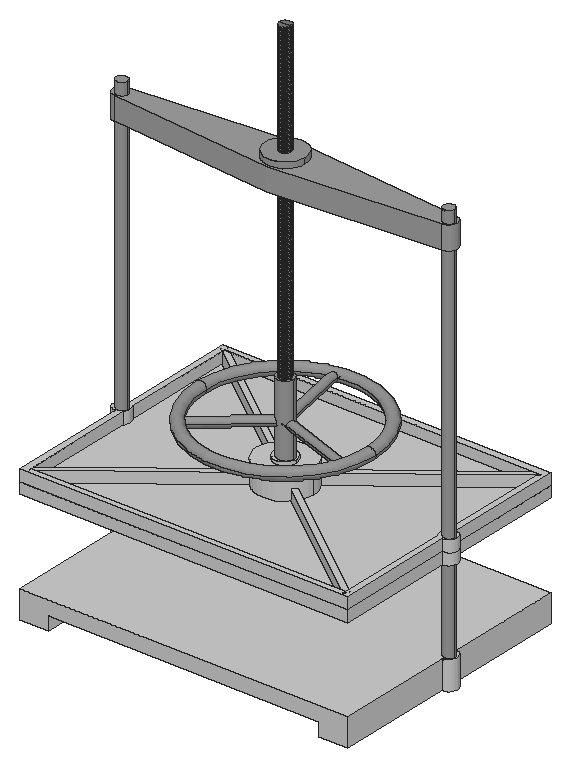
Revit family "Пресс обжимной винтовой ручной для переплёта книг 500х450", category Оборудование, Revit 2017
Family settings
  Размер круглого соединителя = Использовать диаметр
  Тип детали = Нормальный
  На основе рабочей плоскости = Нет
  Всегда вертикально = Да
  При загрузке вырезать с полостями = Нет
  Общий = Нет
  Точка расчета площади = Нет
Parameters (values of type "Тип")
  Ширина = 610.0 mm
  Стопор = Металл окрашенный серый
  Примечание = ""
  Прижимные пластины = Металл окрашенный светло-серый
  Обозначение = "HBP-500"
  Наименование = "Пресс обжимной для переплёта книг, максимальный формат 500х450 мм, создаваемая нагрузка  2 т"
  Масса = "110"
  Код оборудования = ""
  Изготовитель = "Severin"
  Завод = "Vektor"
  Единицы = "шт."
  Глубина = 450.0 mm
  Высота = 950.0 mm
  Винт и направляющие = Сталь, углеродистая
  Keynote = ""
  Model = ""
  Вал = Сталь ASTM A36
  GKS_TH_Примечание КР [instance] = ""
Reference planes
  plane 1 "По центру (Вперед/Назад)": y = 0
  plane 2: z = 0
  plane 3 "По центру (Влево/Вправо)": x = 0
  plane 4: x = 290
  plane 5: x = -290
  plane 6: y = 225
  plane 7: y = -225
  plane 8: y = 15
  plane 9: y = -15
  plane 10: x = 10
  plane 11: z = 241.017
  plane 12: z = 950
  plane 13: z = 320
  plane 14: through (0, 0, 1200) normal (-0.8829, -0.4695, 0)
  plane 15: through (0, 0, 1200) normal (0.0349, 0.9994, 0)
  plane 16: through (0, 0, 1200) normal (0.848, -0.5299, 0)
  plane 17: through (0, 0, 1200) normal (-0.4695, 0.8829, 0)
  plane 18: through (0, 0, 1200) normal (-0.9994, 0.0349, 0)
  plane 19: through (0, 0, 1200) normal (0.5299, 0.848, 0)
Forms (mm)
  Extrusion 1, solid, material "Металл окрашенный светло-серый" <- "Прижимные пластины"
    sketch origin (-510, -225, 1200) x (-1, 0, 0) y (0, 0, 1)
      loop
        line (-750, -1200) -> (-750, -1175) -> (-510, -1175) -> (-270, -1175) -> (-270, -1200) -> (-220, -1200) -> (-220, -1150) -> (-800, -1150) -> (-800, -1200) -> (-750, -1200)
    from 0 to 450
  Extrusion 2, solid, material "Сталь, углеродистая" <- "Винт и направляющие"
    sketch origin (0, 0, 0) x (1, 0, 0) y (0, 1, 0)
      loop
        circle (290, 0) r 10
      loop
        circle (-290, 0) r 10
    from 0 to 760
  Extrusion 3, solid, material "Металл окрашенный светло-серый" <- "Прижимные пластины"
    sketch origin (0, 0, 0) x (1, 0, 0) y (0, 1, 0)
      loop
        line (290, 15) -> (290, -15)
        arc (290, -15) -> (305, 0) -> (290, 15) r 15
      loop
        arc (-290, 15) -> (-305, 0) -> (-290, -15) r 15
        line (-290, -15) -> (-290, 15)
    from 0 to 50
  Extrusion 4, solid, material "Металл окрашенный светло-серый" <- "Прижимные пластины"
    sketch origin (0, 0, 0) x (1, 0, 0) y (0, 1, 0)
      loop
        line (-290, 225) -> (-290, 15)
        arc (-290, 15) -> (-305, 0) -> (-290, -15) r 15
        line (-290, -15) -> (-290, -225) -> (290, -225) -> (290, -15)
        arc (290, -15) -> (305, 0) -> (290, 15) r 15
        line (290, 15) -> (290, 225) -> (-290, 225)
    from 200 to 220
  Extrusion 5, solid, material "Металл окрашенный светло-серый" <- "Прижимные пластины"
    sketch origin (0, 0, 0) x (1, 0, 0) y (0, 1, 0)
      loop
        line (-290, 225) -> (-290, 15)
        arc (-290, 15) -> (-305, 0) -> (-290, -15) r 15
        line (-290, -15) -> (-290, -225) -> (290, -225) -> (290, -15)
        arc (290, -15) -> (305, 0) -> (290, 15) r 15
        line (290, 15) -> (290, 225) -> (-290, 225)
      loop
        line (280, 215) -> (-280, 215) -> (-280, 11.18)
        arc (-280, 11.18) -> (-275.576, 0) -> (-280, -11.18) r 16.341
        line (-280, -11.18) -> (-280, -215) -> (280, -215) -> (280, -11.18)
        arc (280, -11.18) -> (275.576, 0) -> (280, 11.18) r 16.341
        line (280, 11.18) -> (280, 215)
      loop
        circle (-290, 0) r 10
      loop
        circle (290, 0) r 10
    from 240 to 220
  Extrusion 6, solid, material "Металл окрашенный светло-серый" <- "Прижимные пластины"
    sketch origin (0, 0, 0) x (1, 0, 0) y (0, 1, 0)
      loop
        line (276.955, -218.966) -> (283.045, -211.034) -> (8.21, 0) -> (284.087, 211.834) -> (276.955, 218.966) -> (0, 6.304) -> (-279.074, 220.593) -> (-285.165, 212.662) -> (-8.21, 0) -> (-283.045, -211.034) -> (-276.955, -218.966) -> (0, -6.304) -> (276.955, -218.966)
    from 240 to 220
  Extrusion 7, solid, material "Металл окрашенный светло-серый" <- "Прижимные пластины"
    sketch origin (0, 0, 0) x (1, 0, 0) y (0, 1, 0)
      loop
        circle (0, 0) r 50
    from 220 to 260
  Extrusion 8, solid, material "Металл окрашенный серый" <- "Стопор"
    sketch origin (0, 0, 0) x (1, 0, 0) y (0, 1, 0)
      loop
        arc (290, 15) -> (0, 40.175) -> (-290, 15) r 1682.899
        arc (-290, 15) -> (-305, 0) -> (-290, -15) r 15
        arc (-290, -15) -> (0, -40.175) -> (290, -15) r 1682.899
        arc (290, -15) -> (305, 0) -> (290, 15) r 15
    from 700 to 740
  Extrusion 9, solid, material "Сталь, углеродистая" <- "Винт и направляющие"
    sketch origin (0, 0, 0) x (1, 0, 0) y (0, 1, 0)
      loop
        circle (0, 0) r 35
    from 740 to 750
  Revolve 10, solid, material "Сталь ASTM A36" <- "Вал"
    sketch origin (0, 0, 0) x (1, 0, 0) y (0, 0, 1)
      loop
        line (0, 240) -> (10, 240) -> (8.239, 241.017) -> (10, 242.034) -> (8.239, 243.051) -> (10, 244.068) -> (8.239, 245.085) -> (10, 246.102) -> (8.239, 247.119) -> (10, 248.136) -> (8.239, 249.153) -> (10, 250.17) -> (8.239, 251.187) -> (10, 252.204) -> (8.239, 253.221) -> (10, 254.238) -> (8.239, 255.255) -> (10, 256.272) -> (8.239, 257.289) -> (10, 258.306) -> (8.239, 259.323) -> (10, 260.34) -> (8.239, 261.357) -> (10, 262.374) -> (8.239, 263.391) -> (10, 264.408) -> (8.239, 265.424) -> (10, 266.441) -> (8.239, 267.458) -> (10, 268.475) -> (8.239, 269.492) -> (10, 270.509) -> (8.239, 271.526) -> (10, 272.543) -> (8.239, 273.56) -> (10, 274.577) -> (8.239, 275.594) -> (10, 276.611) -> (8.239, 277.628) -> (10, 278.645) -> (8.239, 279.662) -> (10, 280.679) -> (8.239, 281.696) -> (10, 282.713) -> (8.239, 283.73) -> (10, 284.747) -> (8.239, 285.764) -> (10, 286.781) -> (8.239, 287.798) -> (10, 288.815) -> (8.239, 289.832) -> (10, 290.849) -> (8.239, 291.866) -> (10, 292.883) -> (8.239, 293.9) -> (10, 294.917) -> (8.239, 295.934) -> (10, 296.951) -> (8.239, 297.968) -> (10, 298.985) -> (8.239, 300.002) -> (10, 301.019) -> (8.239, 302.036) -> (10, 303.053) -> (8.239, 304.07) -> (10, 305.087) -> (8.239, 306.104) -> (10, 307.121) -> (8.239, 308.138) -> (10, 309.155) -> (8.239, 310.172) -> (10, 311.189) -> (8.239, 312.206) -> (10, 313.223) -> (8.239, 314.24) -> (10, 315.257) -> (8.239, 316.273) -> (10, 317.29) -> (8.239, 318.307) -> (10, 319.324) -> (8.239, 320.341) -> (10, 321.358) -> (8.239, 322.375) -> (10, 323.392) -> (8.239, 324.409) -> (10, 325.426) -> (8.239, 326.443) -> (10, 327.46) -> (8.239, 328.477) -> (10, 329.494) -> (8.239, 330.511) -> (10, 331.528) -> (8.239, 332.545) -> (10, 333.562) -> (8.239, 334.579) -> (10, 335.596) -> (8.239, 336.613) -> (10, 337.63) -> (8.239, 338.647) -> (10, 339.664) -> (8.239, 340.681) -> (10, 341.698) -> (8.239, 342.715) -> (10, 343.732) -> (8.239, 344.749) -> (10, 345.766) -> (8.239, 346.783) -> (10, 347.8) -> (8.239, 348.817) -> (10, 349.834) -> (8.239, 350.851) -> (10, 351.868) -> (8.239, 352.885) -> (10, 353.902) -> (8.239, 354.919) -> (10, 355.936) -> (8.239, 356.953) -> (10, 357.97) -> (8.239, 358.987) -> (10, 360.004) -> (8.239, 361.021) -> (10, 362.038) -> (8.239, 363.055) -> (10, 364.072) -> (8.239, 365.089) -> (10, 366.106) -> (8.239, 367.122) -> (10, 368.139) -> (8.239, 369.156) -> (10, 370.173) -> (8.239, 371.19) -> (10, 372.207) -> (8.239, 373.224) -> (10, 374.241) -> (8.239, 375.258) -> (10, 376.275) -> (8.239, 377.292) -> (10, 378.309) -> (8.239, 379.326) -> (10, 380.343) -> (8.239, 381.36) -> (10, 382.377) -> (8.239, 383.394) -> (10, 384.411) -> (8.239, 385.428) -> (10, 386.445) -> (8.239, 387.462) -> (10, 388.479) -> (8.239, 389.496) -> (10, 390.513) -> (8.239, 391.53) -> (10, 392.547) -> (8.239, 393.564) -> (10, 394.581) -> (8.239, 395.598) -> (10, 396.615) -> (8.239, 397.632) -> (10, 398.649) -> (8.239, 399.666) -> (10, 400.683) -> (8.239, 401.7) -> (10, 402.717) -> (8.239, 403.734) -> (10, 404.751) -> (8.239, 405.768) -> (10, 406.785) -> (8.239, 407.802) -> (10, 408.819) -> (8.239, 409.836) -> (10, 410.853) -> (8.239, 411.87) -> (10, 412.887) -> (8.239, 413.904) -> (10, 414.921) -> (8.239, 415.938) -> (10, 416.955) -> (8.239, 417.971) -> (10, 418.988) -> (8.239, 420.005) -> (10, 421.022) -> (8.239, 422.039) -> (10, 423.056) -> (8.239, 424.073) -> (10, 425.09) -> (8.239, 426.107) -> (10, 427.124) -> (8.239, 428.141) -> (10, 429.158) -> (8.239, 430.175) -> (10, 431.192) -> (8.239, 432.209) -> (10, 433.226) -> (8.239, 434.243) -> (10, 435.26) -> (8.239, 436.277) -> (10, 437.294) -> (8.239, 438.311) -> (10, 439.328) -> (8.239, 440.345) -> (10, 441.362) -> (8.239, 442.379) -> (10, 443.396) -> (8.239, 444.413) -> (10, 445.43) -> (8.239, 446.447) -> (10, 447.464) -> (8.239, 448.481) -> (10, 449.498) -> (8.239, 450.515) -> (10, 451.532) -> (8.239, 452.549) -> (10, 453.566) -> (8.239, 454.583) -> (10, 455.6) -> (8.239, 456.617) -> (10, 457.634) -> (8.239, 458.651) -> (10, 459.668) -> (8.239, 460.685) -> (10, 461.702) -> (8.239, 462.719) -> (10, 463.736) -> (8.239, 464.753) -> (10, 465.77) -> (8.239, 466.787) -> (10, 467.804) -> (8.239, 468.82) -> (10, 469.837) -> (8.239, 470.854) -> (10, 471.871) -> (8.239, 472.888) -> (10, 473.905) -> (8.239, 474.922) -> (10, 475.939) -> (8.239, 476.956) -> (10, 477.973) -> (8.239, 478.99) -> (10, 480.007) -> (8.239, 481.024) -> (10, 482.041) -> (8.239, 483.058) -> (10, 484.075) -> (8.239, 485.092) -> (10, 486.109) -> (8.239, 487.126) -> (10, 488.143) -> (8.239, 489.16) -> (10, 490.177) -> (8.239, 491.194) -> (10, 492.211) -> (8.239, 493.228) -> (10, 494.245) -> (8.239, 495.262) -> (10, 496.279) -> (8.239, 497.296) -> (10, 498.313) -> (8.239, 499.33) -> (10, 500.347) -> (8.239, 501.364) -> (10, 502.381) -> (8.239, 503.398) -> (10, 504.415) -> (8.239, 505.432) -> (10, 506.449) -> (8.239, 507.466) -> (10, 508.483) -> (8.239, 509.5) -> (10, 510.517) -> (8.239, 511.534) -> (10, 512.551) -> (8.239, 513.568) -> (10, 514.585) -> (8.239, 515.602) -> (10, 516.619) -> (8.239, 517.636) -> (10, 518.653) -> (8.239, 519.669) -> (10, 520.686) -> (8.239, 521.703) -> (10, 522.72) -> (8.239, 523.737) -> (10, 524.754) -> (8.239, 525.771) -> (10, 526.788) -> (8.239, 527.805) -> (10, 528.822) -> (8.239, 529.839) -> (10, 530.856) -> (8.239, 531.873) -> (10, 532.89) -> (8.239, 533.907) -> (10, 534.924) -> (8.239, 535.941) -> (10, 536.958) -> (8.239, 537.975) -> (10, 538.992) -> (8.239, 540.009) -> (10, 541.026) -> (8.239, 542.043) -> (10, 543.06) -> (8.239, 544.077) -> (10, 545.094) -> (8.239, 546.111) -> (10, 547.128) -> (8.239, 548.145) -> (10, 549.162) -> (8.239, 550.179) -> (10, 551.196) -> (8.239, 552.213) -> (10, 553.23) -> (8.239, 554.247) -> (10, 555.264) -> (8.239, 556.281) -> (10, 557.298) -> (8.239, 558.315) -> (10, 559.332) -> (8.239, 560.349) -> (10, 561.366) -> (8.239, 562.383) -> (10, 563.4) -> (8.239, 564.417) -> (10, 565.434) -> (8.239, 566.451) -> (10, 567.468) -> (8.239, 568.485) -> (10, 569.502) -> (8.239, 570.518) -> (10, 571.535) -> (8.239, 572.552) -> (10, 573.569) -> (8.239, 574.586) -> (10, 575.603) -> (8.239, 576.62) -> (10, 577.637) -> (8.239, 578.654) -> (10, 579.671) -> (8.239, 580.688) -> (10, 581.705) -> (8.239, 582.722) -> (10, 583.739) -> (8.239, 584.756) -> (10, 585.773) -> (8.239, 586.79) -> (10, 587.807) -> (8.239, 588.824) -> (10, 589.841) -> (8.239, 590.858) -> (10, 591.875) -> (8.239, 592.892) -> (10, 593.909) -> (8.239, 594.926) -> (10, 595.943) -> (8.239, 596.96) -> (10, 597.977) -> (8.239, 598.994) -> (10, 600.011) -> (8.239, 601.028) -> (10, 602.045) -> (8.239, 603.062) -> (10, 604.079) -> (8.239, 605.096) -> (10, 606.113) -> (8.239, 607.13) -> (10, 608.147) -> (8.239, 609.164) -> (10, 610.181) -> (8.239, 611.198) -> (10, 612.215) -> (8.239, 613.232) -> (10, 614.249) -> (8.239, 615.266) -> (10, 616.283) -> (8.239, 617.3) -> (10, 618.317) -> (8.239, 619.334) -> (10, 620.35) -> (8.239, 621.367) -> (10, 622.384) -> (8.239, 623.401) -> (10, 624.418) -> (8.239, 625.435) -> (10, 626.452) -> (8.239, 627.469) -> (10, 628.486) -> (8.239, 629.503) -> (10, 630.52) -> (8.239, 631.537) -> (10, 632.554) -> (8.239, 633.571) -> (10, 634.588) -> (8.239, 635.605) -> (10, 636.622) -> (8.239, 637.639) -> (10, 638.656) -> (8.239, 639.673) -> (10, 640.69) -> (8.239, 641.707) -> (10, 642.724) -> (8.239, 643.741) -> (10, 644.758) -> (8.239, 645.775) -> (10, 646.792) -> (8.239, 647.809) -> (10, 648.826) -> (8.239, 649.843) -> (10, 650.86) -> (8.239, 651.877) -> (10, 652.894) -> (8.239, 653.911) -> (10, 654.928) -> (8.239, 655.945) -> (10, 656.962) -> (8.239, 657.979) -> (10, 658.996) -> (8.239, 660.013) -> (10, 661.03) -> (8.239, 662.047) -> (10, 663.064) -> (8.239, 664.081) -> (10, 665.098) -> (8.239, 666.115) -> (10, 667.132) -> (8.239, 668.149) -> (10, 669.166) -> (8.239, 670.183) -> (10, 671.199) -> (8.239, 672.216) -> (10, 673.233) -> (8.239, 674.25) -> (10, 675.267) -> (8.239, 676.284) -> (10, 677.301) -> (8.239, 678.318) -> (10, 679.335) -> (8.239, 680.352) -> (10, 681.369) -> (8.239, 682.386) -> (10, 683.403) -> (8.239, 684.42) -> (10, 685.437) -> (8.239, 686.454) -> (10, 687.471) -> (8.239, 688.488) -> (10, 689.505) -> (8.239, 690.522) -> (10, 691.539) -> (8.239, 692.556) -> (10, 693.573) -> (8.239, 694.59) -> (10, 695.607) -> (8.239, 696.624) -> (10, 697.641) -> (8.239, 698.658) -> (10, 699.675) -> (8.239, 700.692) -> (10, 701.709) -> (8.239, 702.726) -> (10, 703.743) -> (8.239, 704.76) -> (10, 705.777) -> (8.239, 706.794) -> (10, 707.811) -> (8.239, 708.828) -> (10, 709.845) -> (8.239, 710.862) -> (10, 711.879) -> (8.239, 712.896) -> (10, 713.913) -> (8.239, 714.93) -> (10, 715.947) -> (8.239, 716.964) -> (10, 717.981) -> (8.239, 718.998) -> (10, 720.015) -> (8.239, 721.032) -> (10, 722.048) -> (8.239, 723.065) -> (10, 724.082) -> (8.239, 725.099) -> (10, 726.116) -> (8.239, 727.133) -> (10, 728.15) -> (8.239, 729.167) -> (10, 730.184) -> (8.239, 731.201) -> (10, 732.218) -> (8.239, 733.235) -> (10, 734.252) -> (8.239, 735.269) -> (10, 736.286) -> (8.239, 737.303) -> (10, 738.32) -> (8.239, 739.337) -> (10, 740.354) -> (8.239, 741.371) -> (10, 742.388) -> (8.239, 743.405) -> (10, 744.422) -> (8.239, 745.439) -> (10, 746.456) -> (8.239, 747.473) -> (10, 748.49) -> (8.239, 749.507) -> (10, 750.524) -> (8.239, 751.541) -> (10, 752.558) -> (8.239, 753.575) -> (10, 754.592) -> (8.239, 755.609) -> (10, 756.626) -> (8.239, 757.643) -> (10, 758.66) -> (8.239, 759.677) -> (10, 760.694) -> (8.239, 761.711) -> (10, 762.728) -> (8.239, 763.745) -> (10, 764.762) -> (8.239, 765.779) -> (10, 766.796) -> (8.239, 767.813) -> (10, 768.83) -> (8.239, 769.847) -> (10, 770.864) -> (8.239, 771.881) -> (10, 772.897) -> (8.239, 773.914) -> (10, 774.931) -> (8.239, 775.948) -> (10, 776.965) -> (8.239, 777.982) -> (10, 778.999) -> (8.239, 780.016) -> (10, 781.033) -> (8.239, 782.05) -> (10, 783.067) -> (8.239, 784.084) -> (10, 785.101) -> (8.239, 786.118) -> (10, 787.135) -> (8.239, 788.152) -> (10, 789.169) -> (8.239, 790.186) -> (10, 791.203) -> (8.239, 792.22) -> (10, 793.237) -> (8.239, 794.254) -> (10, 795.271) -> (8.239, 796.288) -> (10, 797.305) -> (8.239, 798.322) -> (10, 799.339) -> (8.239, 800.356) -> (10, 801.373) -> (8.239, 802.39) -> (10, 803.407) -> (8.239, 804.424) -> (10, 805.441) -> (8.239, 806.458) -> (10, 807.475) -> (8.239, 808.492) -> (10, 809.509) -> (8.239, 810.526) -> (10, 811.543) -> (8.239, 812.56) -> (10, 813.577) -> (8.239, 814.594) -> (10, 815.611) -> (8.239, 816.628) -> (10, 817.645) -> (8.239, 818.662) -> (10, 819.679) -> (8.239, 820.696) -> (10, 821.713) -> (8.239, 822.73) -> (10, 823.746) -> (8.239, 824.763) -> (10, 825.78) -> (8.239, 826.797) -> (10, 827.814) -> (8.239, 828.831) -> (10, 829.848) -> (8.239, 830.865) -> (10, 831.882) -> (8.239, 832.899) -> (10, 833.916) -> (8.239, 834.933) -> (10, 835.95) -> (8.239, 836.967) -> (10, 837.984) -> (8.239, 839.001) -> (10, 840.018) -> (8.239, 841.035) -> (10, 842.052) -> (8.239, 843.069) -> (10, 844.086) -> (8.239, 845.103) -> (10, 846.12) -> (8.239, 847.137) -> (10, 848.154) -> (8.239, 849.171) -> (10, 850.188) -> (8.239, 851.205) -> (10, 852.222) -> (8.239, 853.239) -> (10, 854.256) -> (8.239, 855.273) -> (10, 856.29) -> (8.239, 857.307) -> (10, 858.324) -> (8.239, 859.341) -> (10, 860.358) -> (8.239, 861.375) -> (10, 862.392) -> (8.239, 863.409) -> (10, 864.426) -> (8.239, 865.443) -> (10, 866.46) -> (8.239, 867.477) -> (10, 868.494) -> (8.239, 869.511) -> (10, 870.528) -> (8.239, 871.545) -> (10, 872.562) -> (8.239, 873.579) -> (10, 874.595) -> (8.239, 875.612) -> (10, 876.629) -> (8.239, 877.646) -> (10, 878.663) -> (8.239, 879.68) -> (10, 880.697) -> (8.239, 881.714) -> (10, 882.731) -> (8.239, 883.748) -> (10, 884.765) -> (8.239, 885.782) -> (10, 886.799) -> (8.239, 887.816) -> (10, 888.833) -> (8.239, 889.85) -> (10, 890.867) -> (8.239, 891.884) -> (10, 892.901) -> (8.239, 893.918) -> (10, 894.935) -> (8.239, 895.952) -> (10, 896.969) -> (8.239, 897.986) -> (10, 899.003) -> (8.239, 900.02) -> (10, 901.037) -> (8.239, 902.054) -> (10, 903.071) -> (8.239, 904.088) -> (10, 905.105) -> (8.239, 906.122) -> (10, 907.139) -> (8.239, 908.156) -> (10, 909.173) -> (8.239, 910.19) -> (10, 911.207) -> (8.239, 912.224) -> (10, 913.241) -> (8.239, 914.258) -> (10, 915.275) -> (8.239, 916.292) -> (10, 917.309) -> (8.239, 918.326) -> (10, 919.343) -> (8.239, 920.36) -> (10, 921.377) -> (8.239, 922.394) -> (10, 923.411) -> (8.239, 924.427) -> (10, 925.444) -> (8.239, 926.461) -> (10, 927.478) -> (8.239, 928.495) -> (10, 929.512) -> (8.239, 930.529) -> (10, 931.546) -> (8.239, 932.563) -> (10, 933.58) -> (8.239, 934.597) -> (10, 935.614) -> (8.239, 936.631) -> (10, 937.648) -> (8.239, 938.665) -> (10, 939.682) -> (8.239, 940.699) -> (10, 941.716) -> (8.239, 942.733) -> (10, 943.75) -> (8.239, 944.767) -> (10, 945.784) -> (8.239, 946.801) -> (10, 947.818) -> (8.239, 948.835) -> (10, 949.852) -> (0, 949.852) -> (0, 240)
      axis (0, 949.852) -> (0, 240)
    angle from 0 to 360
  Revolve 11, solid, material "Сталь, углеродистая" <- "Винт и направляющие"
    sketch origin (0, 0, -50) x (1, 0, 0) y (0, 0, 1)
      loop
        line (0, 310) -> (15, 310) -> (15, 440) -> (0, 440) -> (0, 310)
      axis (0, 440) -> (0, 310)
    angle from 0 to 360
  Revolve 12, solid, material "Сталь, углеродистая" <- "Винт и направляющие"
    sketch origin (0, 0, -50) x (1, 0, 0) y (0, 0, 1)
      loop
        circle (150, 370) r 10
      axis (0, 370) -> (0, 369)
    angle from 0 to 360
  Extrusion 13, solid, material "Сталь, углеродистая" <- "Винт и направляющие"
    sketch origin (0, 0, 1150) x (-0.982311, -0.187258, 0) y (0, 0, 1)
      loop
        circle (0.074, -830) r 7.5
    from 0 to 150
  Extrusion 14, solid, material "Сталь, углеродистая" <- "Винт и направляющие"
    sketch origin (0, 0, 1150) x (-0.653325, 0.757077, 0) y (0, 0, 1)
      loop
        circle (0, -830) r 7.5
    from 0 to -150
  Extrusion 15, solid, material "Сталь, углеродистая" <- "Винт и направляющие"
    sketch origin (0, 0, 1150) x (-0.328986, -0.944335, 0) y (0, 0, 1)
      loop
        circle (0, -830) r 7.5
    from 0 to -150
  Extrusion 16, solid, material "Металл окрашенный светло-серый" <- "Прижимные пластины"
    sketch origin (0, 0, 0) x (1, 0, 0) y (0, 1, 0)
      loop
        circle (0, 0) r 20
    from 260 to 265
Dimensions and locks
  aligned and locked: level to plane 2
